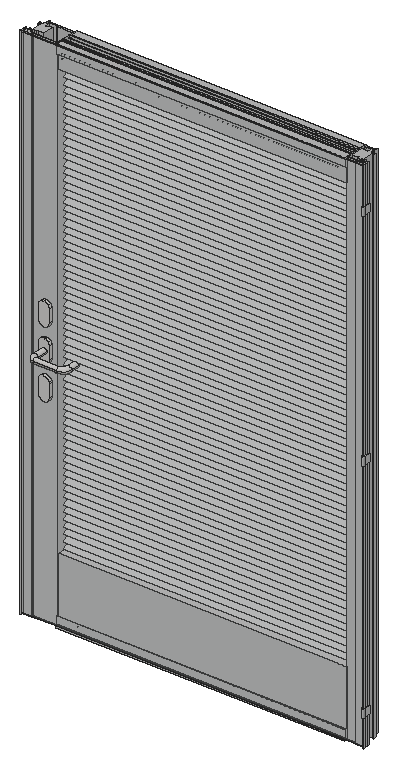
Revit family "Doors_Swing_Avanti_Systems_Movare-Swing-Door", category Doors, Revit 2015 (continued)
Definition of nested family "Closing frame detail"
  Lines and regions (in)
    model lines, in view "Ref. Level"
      curve 43: arc (3.8085, -0.38914, 0) -> (3.8165, -0.40845, 0) -> (3.8358, -0.41645, 0) r 0.02731
      curve 44: arc (2.84774, -3.55455, 0) -> (2.83364, -3.56039, 0) -> (2.82781, -3.57448, 0) r 0.01993
      curve 45: arc (2.82781, -3.60805, 0) -> (2.83364, -3.62214, 0) -> (2.84774, -3.62798, 0) r 0.01993
      curve 46: arc (3.90543, -0.39304, 0) -> (3.91127, -0.40713, 0) -> (3.92536, -0.41297, 0) r 0.01993
      curve 47: arc (3.92536, -0.33831, 0) -> (3.91127, -0.34414, 0) -> (3.90543, -0.35824, 0) r 0.01993
      curve 48: line (5.32575, 0, 0) -> (5.1408, 0, 0)
      curve 49: line (4.7535, -1.09797, 0) -> (4.7535, -0.85272, 0)
      curve 50: line (4.7535, -0.85272, 0) -> (5.26345, -0.85272, 0)
      curve 51: line (5.26345, -0.85272, 0) -> (5.26345, -0.94239, 0)
      curve 52: line (5.32575, -0.75054, 0) -> (5.26444, -0.75054, 0)
      curve 53: line (5.26444, -0.75054, 0) -> (5.26444, -0.08175, 0)
      curve 54: line (5.26444, -0.08175, 0) -> (5.32575, -0.08175, 0)
      curve 55: line (5.34619, -0.06131, 0) -> (5.34619, -0.02044, 0)
      curve 56: line (5.34619, -0.94239, 0) -> (5.34619, -0.77098, 0)
      curve 57: line (5.28389, -0.96283, 0) -> (5.32575, -0.96283, 0)
      curve 58: line (4.12334, -1.25678, 0) -> (4.12334, -2.73194, 0)
      curve 59: line (2.73451, -2.73194, 0) -> (2.73451, -1.25678, 0)
      curve 60: line (2.81626, -2.73194, 0) -> (2.81626, -1.25678, 0)
      curve 61: line (2.81626, -1.25678, 0) -> (4.04159, -1.25678, 0)
      curve 62: line (4.04159, -1.25678, 0) -> (4.04159, -2.73194, 0)
      curve 63: line (4.04159, -2.73194, 0) -> (2.81626, -2.73194, 0)
      curve 64: line (4.34475, -2.53043, 0) -> (4.34475, -1.12259, 0)
      curve 65: line (4.34475, -1.12259, 0) -> (4.37795, -1.09604, 0)
      curve 66: line (2.81626, -1.17503, 0) -> (4.04159, -1.17503, 0)
      curve 67: line (4.1412, -0.68923, 0) -> (4.1412, -0.99579, 0)
      curve 68: line (4.1412, -0.99579, 0) -> (3.67031, -0.99579, 0)
      curve 69: line (3.67031, -0.99579, 0) -> (3.67031, -1.11841, 0)
      curve 70: line (3.67031, -1.11841, 0) -> (4.1412, -1.11841, 0)
      curve 71: line (4.1412, -1.11841, 0) -> (4.1412, -2.81472, 0)
      curve 72: line (5.10094, -0.03987, 0) -> (5.10094, -0.33831, 0)
      curve 73: line (5.10094, -0.33831, 0) -> (3.92536, -0.33831, 0)
      curve 74: line (4.38562, -1.08008, 0) -> (4.38562, -0.91404, 0)
      curve 75: line (4.38562, -0.91404, 0) -> (4.59, -0.91404, 0)
      curve 76: line (4.59, -0.91404, 0) -> (4.59, -1.09797, 0)
      curve 77: line (4.61044, -1.11841, 0) -> (4.73306, -1.11841, 0)
      curve 78: line (4.04159, -2.81369, 0) -> (2.81626, -2.81369, 0)
      curve 79: line (4.05762, -3.97966, 0) -> (4.16081, -3.97966, 0)
      curve 80: line (3.69075, -3.30522, 0) -> (3.99731, -3.30522, 0)
      curve 81: line (3.82828, -3.22347, 0) -> (3.71119, -3.22347, 0)
      curve 82: line (3.69075, -2.95779, 0) -> (3.82828, -2.95779, 0)
      curve 83: line (4.12076, -2.83516, 0) -> (3.71119, -2.83516, 0)
      curve 84: line (4.25587, -2.87604, 0) -> (4.56762, -2.87604, 0)
      curve 85: line (4.56762, -2.87604, 0) -> (4.5963, -2.83158, 0)
      curve 86: line (4.62385, -2.89287, 0) -> (4.60675, -2.91463, 0)
      curve 87: line (4.60675, -2.91463, 0) -> (4.60675, -2.93735, 0)
      curve 88: line (4.60675, -2.93735, 0) -> (4.7535, -2.93735, 0)
      curve 89: line (4.7535, -2.93735, 0) -> (4.7535, -2.54904, 0)
      curve 90: line (4.73306, -2.5286, 0) -> (4.61044, -2.5286, 0)
      curve 91: line (4.63807, -2.85406, 0) -> (4.62967, -2.84333, 0)
      curve 92: line (4.18125, -3.95922, 0) -> (4.18125, -3.17062, 0)
      curve 93: line (4.01775, -3.32566, 0) -> (4.01775, -3.55455, 0)
      curve 94: line (4.01775, -3.55455, 0) -> (2.84774, -3.55455, 0)
      curve 95: line (4.59, -2.54904, 0) -> (4.59, -2.73297, 0)
      curve 96: line (4.59, -2.73297, 0) -> (4.38562, -2.73297, 0)
      curve 97: line (4.38562, -2.73297, 0) -> (4.38562, -2.57294, 0)
      curve 98: line (4.38562, -2.57294, 0) -> (4.35242, -2.54639, 0)
      curve 99: line (4.18286, -3.00454, 0) -> (4.23735, -2.88783, 0)
      curve 100: line (4.21537, -3.09784, 0) -> (4.18125, -3.09784, 0)
      curve 101: line (4.18125, -3.09784, 0) -> (4.18125, -3.10926, 0)
      curve 102: line (4.20169, -3.15019, 0) -> (4.23581, -3.15019, 0)
      curve 103: line (4.23581, -3.15019, 0) -> (4.23581, -3.11828, 0)
      curve 104: line (3.67031, -2.87604, 0) -> (3.67031, -2.93735, 0)
      curve 105: line (3.67031, -3.26435, 0) -> (3.67031, -3.28479, 0)
      curve 106: line (2.76092, -3.63249, 0) -> (3.86141, -3.63249, 0)
      curve 107: line (3.86141, -3.63249, 0) -> (3.86141, -3.72944, 0)
      curve 108: line (3.86141, -3.72944, 0) -> (2.76092, -3.72944, 0)
      curve 109: line (2.76092, -3.72944, 0) -> (2.76092, -3.63249, 0)
      curve 110: line (0.08192, -3.56877, 0) -> (2.64217, -3.56877, 0)
      curve 111: line (0.02731, -3.62338, 0) -> (2.69678, -3.62338, 0)
      curve 112: line (2.72409, -3.59607, 0) -> (2.72409, -3.57956, 0)
      curve 113: line (2.66948, -3.54146, 0) -> (2.66948, -3.52495, 0)
      curve 114: line (2.75139, -3.55226, 0) -> (3.99292, -3.55226, 0)
      curve 115: line (3.99292, -3.55226, 0) -> (3.99292, -3.49765, 0)
      curve 116: line (3.99292, -3.49765, 0) -> (2.69678, -3.49765, 0)
      curve 117: line (0.08192, -0.39213, 0) -> (3.72658, -0.39213, 0)
      curve 118: line (0.02731, -0.33752, 0) -> (3.78119, -0.33752, 0)
      curve 119: line (3.75389, -0.44376, 0) -> (3.75389, -0.41943, 0)
      curve 120: line (3.8085, -0.38914, 0) -> (3.8085, -0.36482, 0)
      curve 121: line (3.8358, -0.41645, 0) -> (5.07944, -0.41645, 0)
      curve 122: line (5.07944, -0.41645, 0) -> (5.07944, -0.47106, 0)
      curve 123: line (5.07944, -0.47106, 0) -> (3.78119, -0.47106, 0)
      curve 124: line (3.84338, -0.33541, 0) -> (4.94353, -0.33541, 0)
      curve 125: line (4.94353, -0.33541, 0) -> (4.94353, -0.25011, 0)
      curve 126: line (4.94353, -0.25011, 0) -> (3.84338, -0.25011, 0)
      curve 127: line (3.84338, -0.25011, 0) -> (3.84338, -0.33541, 0)
      curve 128: line (4.94347, -0.33319, 0) -> (4.94347, -0.34198, 0)
      curve 129: line (3.86117, -3.62798, 0) -> (3.86117, -3.66072, 0)
      curve 130: line (2.82781, -3.60805, 0) -> (2.82781, -3.57448, 0)
      curve 131: line (3.90543, -0.39304, 0) -> (3.90543, -0.35824, 0)
      curve 132: line (4.01775, -3.93979, 0) -> (4.01775, -3.62798, 0)
      curve 133: line (4.01775, -3.62798, 0) -> (2.84774, -3.62798, 0)
      curve 134: line (3.92536, -0.41297, 0) -> (5.10094, -0.41297, 0)
      curve 135: line (5.10094, -0.41297, 0) -> (5.10094, -0.64835, 0)
      curve 136: line (5.10094, -0.64835, 0) -> (4.18208, -0.64835, 0)
      curve 137: arc (0.02731, -0.33752, 0) -> (0.008, -0.34551, 0) -> (0, -0.36482, 0) r 0.02731
      curve 138: arc (0, -3.59607, 0) -> (0.008, -3.61538, 0) -> (0.02731, -3.62338, 0) r 0.02731
      curve 139: arc (2.69678, -3.62338, 0) -> (2.71609, -3.61538, 0) -> (2.72409, -3.59607, 0) r 0.02731
      curve 140: arc (2.72409, -3.57956, 0) -> (2.73209, -3.56026, 0) -> (2.75139, -3.55226, 0) r 0.02731
      curve 141: arc (2.69678, -3.49765, 0) -> (2.67747, -3.50565, 0) -> (2.66948, -3.52495, 0) r 0.02731
      curve 142: arc (2.66948, -3.54146, 0) -> (2.66148, -3.56077, 0) -> (2.64217, -3.56877, 0) r 0.02731
      curve 143: arc (0.08192, -3.56877, 0) -> (0.06261, -3.56077, 0) -> (0.05461, -3.54146, 0) r 0.02731
      curve 144: arc (0.05461, -0.41943, 0) -> (0.06261, -0.40012, 0) -> (0.08192, -0.39213, 0) r 0.02731
      curve 145: arc (3.72658, -0.39213, 0) -> (3.74589, -0.40012, 0) -> (3.75389, -0.41943, 0) r 0.02731
      curve 146: arc (3.75389, -0.44376, 0) -> (3.76188, -0.46306, 0) -> (3.78119, -0.47106, 0) r 0.02731
      curve 147: arc (3.8358, -0.41645, 0) -> (3.8165, -0.40845, 0) -> (3.8085, -0.38914, 0) r 0.02731
      curve 148: arc (3.8085, -0.36482, 0) -> (3.8005, -0.34551, 0) -> (3.78119, -0.33752, 0) r 0.02731
      curve 149: line (4.61155, -2.90852, 0) -> (4.64038, -2.93735, 0)
      curve 150: line (3.78119, -0.33752, 0) -> (0.02731, -0.33752, 0)
      curve 151: line (0, -0.36482, 0) -> (0, -3.59607, 0)
      curve 152: line (0.02731, -3.62338, 0) -> (2.69678, -3.62338, 0)
      curve 153: line (2.72409, -3.59607, 0) -> (2.72409, -3.57956, 0)
      curve 154: line (2.75139, -3.55226, 0) -> (3.99292, -3.55226, 0)
      curve 155: line (3.99292, -3.55226, 0) -> (3.99292, -3.49765, 0)
      curve 156: line (3.99292, -3.49765, 0) -> (2.69678, -3.49765, 0)
      curve 157: line (2.66948, -3.52495, 0) -> (2.66948, -3.54146, 0)
      curve 158: line (2.64217, -3.56877, 0) -> (0.08192, -3.56877, 0)
      curve 159: line (0.05461, -3.54146, 0) -> (0.05461, -0.41943, 0)
      curve 160: line (0.08192, -0.39213, 0) -> (3.72658, -0.39213, 0)
      curve 161: line (3.75389, -0.41943, 0) -> (3.75389, -0.44376, 0)
      curve 162: line (3.78119, -0.47106, 0) -> (4.80021, -0.47106, 0)
      curve 163: line (4.80021, -0.47106, 0) -> (4.75439, -0.41645, 0)
      curve 164: line (4.75439, -0.41645, 0) -> (3.8358, -0.41645, 0)
      curve 165: line (3.8085, -0.38914, 0) -> (3.8085, -0.36482, 0)
      curve 166: line (5.07944, -0.41645, 0) -> (4.75439, -0.41645, 0)
      curve 167: line (4.75439, -0.41645, 0) -> (4.80021, -0.47106, 0)
      curve 168: line (4.80021, -0.47106, 0) -> (5.07944, -0.47106, 0)
      curve 169: line (5.07944, -0.47106, 0) -> (5.07944, -0.41645, 0)
Definition of nested family "Top detail"
  Reference planes (in)
    plane 1 "Center (Front/Back)": y = 0
    plane 2: z = 0
    plane 3 "Center (Left/Right)": x = 0
  Lines and regions (in)
    model lines, in view "Ref. Level"
      curve 1: arc (-0.99764, -2.31454, 0) -> (-0.9392, -2.45562, 0) -> (-0.79812, -2.51406, 0) r 0.19953
      curve 2: arc (-0.91783, -2.23472, 0) -> (-0.88277, -2.31938, 0) -> (-0.79812, -2.35444, 0) r 0.11972
      curve 3: arc (0.79812, -2.51406, 0) -> (0.9392, -2.45562, 0) -> (0.99764, -2.31454, 0) r 0.19953
      curve 4: arc (0.79812, -2.35444, 0) -> (0.88277, -2.31938, 0) -> (0.91783, -2.23472, 0) r 0.11972
      curve 5: arc (1.95463, -0.15962, 0) -> (1.98338, -0.14771, 0) -> (1.99529, -0.11896, 0) r 0.04066
      curve 6: arc (1.99529, -0.04066, 0) -> (1.98338, -0.01191, 0) -> (1.95463, 0, 0) r 0.04066
      curve 7: arc (-1.99529, -0.11896, 0) -> (-1.98338, -0.14771, 0) -> (-1.95463, -0.15962, 0) r 0.04066
      curve 8: arc (-1.95463, 0, 0) -> (-1.98338, -0.01191, 0) -> (-1.99529, -0.04066, 0) r 0.04066
      curve 9: arc (1.56154, -1.01932, 0) -> (1.5663, -1.03082, 0) -> (1.5778, -1.03558, 0) r 0.01627
      curve 10: arc (1.6266, -1.03558, 0) -> (1.6381, -1.03082, 0) -> (1.64287, -1.01932, 0) r 0.01627
      curve 11: arc (-1.64287, -1.01932, 0) -> (-1.6381, -1.03082, 0) -> (-1.6266, -1.03558, 0) r 0.01627
      curve 12: arc (-1.5778, -1.03558, 0) -> (-1.5663, -1.03082, 0) -> (-1.56154, -1.01932, 0) r 0.01627
      curve 13: arc (-1.64958, -3.53564, 0) -> (-1.64158, -3.55494, 0) -> (-1.62228, -3.56294, 0) r 0.0273
      curve 14: arc (-1.59499, -3.48105, 0) -> (-1.58699, -3.50035, 0) -> (-1.56769, -3.50835, 0) r 0.0273
      curve 15: arc (-1.56769, -1.49082, 0) -> (-1.58699, -1.49881, 0) -> (-1.59499, -1.51811, 0) r 0.0273
      curve 16: arc (-1.59797, -1.43623, 0) -> (-1.57867, -1.42823, 0) -> (-1.57067, -1.40893, 0) r 0.0273
      curve 17: arc (-1.62228, -1.43623, 0) -> (-1.64158, -1.44422, 0) -> (-1.64958, -1.46352, 0) r 0.0273
      curve 18: arc (-1.54338, -1.49082, 0) -> (-1.52408, -1.48282, 0) -> (-1.51608, -1.46352, 0) r 0.0273
      curve 19: arc (1.60774, -3.56294, 0) -> (1.62704, -3.55494, 0) -> (1.63504, -3.53564, 0) r 0.0273
      curve 20: arc (1.55315, -3.50835, 0) -> (1.57245, -3.50035, 0) -> (1.58044, -3.48105, 0) r 0.0273
      curve 21: arc (1.50935, -1.45434, 0) -> (1.51735, -1.47364, 0) -> (1.53665, -1.48163, 0) r 0.0273
      curve 22: arc (1.58044, -1.50893, 0) -> (1.57245, -1.48963, 0) -> (1.55315, -1.48163, 0) r 0.0273
      curve 23: arc (1.56394, -1.39975, 0) -> (1.57194, -1.41905, 0) -> (1.59124, -1.42704, 0) r 0.0273
      curve 24: arc (1.63504, -1.45434, 0) -> (1.62704, -1.43504, 0) -> (1.60774, -1.42704, 0) r 0.0273
      curve 25: line (-0.79812, -2.51406, 0) -> (0, -2.51406, 0)
      curve 26: line (0, -2.51406, 0) -> (0.79812, -2.51406, 0)
      curve 27: line (0.79812, -2.35444, 0) -> (0, -2.35444, 0)
      curve 28: line (0, -2.35444, 0) -> (-0.79812, -2.35444, 0)
      curve 29: line (-0.91783, -2.23472, 0) -> (-0.91783, 0, 0)
      curve 30: line (-0.91783, 0, 0) -> (-1.95463, 0, 0)
      curve 31: line (-1.95463, -0.15962, 0) -> (-1.64287, -0.15962, 0)
      curve 32: line (-1.64287, -0.15962, 0) -> (-1.64287, -1.01932, 0)
      curve 33: line (-1.99529, -0.04066, 0) -> (-1.99529, -0.11896, 0)
      curve 34: line (1.95463, 0, 0) -> (0.91783, 0, 0)
      curve 35: line (0.91783, 0, 0) -> (0.91783, -2.23472, 0)
      curve 36: line (0.99764, -2.31454, 0) -> (0.99764, -0.15962, 0)
      curve 37: line (0.99764, -0.15962, 0) -> (1.27699, -0.15962, 0)
      curve 38: line (1.27699, -0.15962, 0) -> (1.27699, -0.39906, 0)
      curve 39: line (1.27699, -0.39906, 0) -> (1.3568, -0.39906, 0)
      curve 40: line (1.3568, -0.39906, 0) -> (1.3568, -0.15962, 0)
      curve 41: line (1.3568, -0.15962, 0) -> (1.56154, -0.15962, 0)
      curve 42: line (1.56154, -0.15962, 0) -> (1.56154, -1.01932, 0)
      curve 43: line (1.99529, -0.11896, 0) -> (1.99529, -0.04066, 0)
      curve 44: line (-0.99764, -2.31454, 0) -> (-0.99764, -0.15962, 0)
      curve 45: line (-0.99764, -0.15962, 0) -> (-1.27699, -0.15962, 0)
      curve 46: line (-1.27699, -0.15962, 0) -> (-1.27699, -0.39906, 0)
      curve 47: line (-1.27699, -0.39906, 0) -> (-1.3568, -0.39906, 0)
      curve 48: line (-1.3568, -0.39906, 0) -> (-1.3568, -0.15962, 0)
      curve 49: line (-1.3568, -0.15962, 0) -> (-1.56154, -0.15962, 0)
      curve 50: line (-1.56154, -0.15962, 0) -> (-1.56154, -1.01932, 0)
      curve 51: line (1.95463, -0.15962, 0) -> (1.64287, -0.15962, 0)
      curve 52: line (1.64287, -0.15962, 0) -> (1.64287, -1.01932, 0)
      curve 53: line (-1.5778, -1.03558, 0) -> (-1.6266, -1.03558, 0)
      curve 54: line (1.6266, -1.03558, 0) -> (1.5778, -1.03558, 0)
      curve 55: line (1.64455, -1.42944, 0) -> (1.64455, -0.32936, 0)
      curve 56: line (1.64455, -0.32936, 0) -> (1.74146, -0.32936, 0)
      curve 57: line (1.74146, -0.32936, 0) -> (1.74146, -1.42944, 0)
      curve 58: line (1.74146, -1.42944, 0) -> (1.64455, -1.42944, 0)
      curve 59: line (-1.64172, -1.424, 0) -> (-1.64172, -0.32392, 0)
      curve 60: line (-1.64172, -0.32392, 0) -> (-1.73864, -0.32392, 0)
      curve 61: line (-1.73864, -0.32392, 0) -> (-1.73864, -1.424, 0)
      curve 62: line (-1.73864, -1.424, 0) -> (-1.64172, -1.424, 0)
      curve 63: line (1.60774, -3.56294, 0) -> (-1.62228, -3.56294, 0)
      curve 64: line (1.55315, -3.50835, 0) -> (-1.56769, -3.50835, 0)
      curve 65: line (-1.64958, -3.53564, 0) -> (-1.64958, -1.46352, 0)
      curve 66: line (-1.59499, -3.48105, 0) -> (-1.59499, -1.51811, 0)
      curve 67: line (-1.57067, -1.40893, 0) -> (-1.57067, -1.03393, 0)
      curve 68: line (-1.51608, -1.46352, 0) -> (-1.51608, -0.16577, 0)
      curve 69: line (-1.51608, -0.16577, 0) -> (-1.56154, -0.16577, 0)
      curve 70: line (-1.59797, -1.43623, 0) -> (-1.62228, -1.43623, 0)
      curve 71: line (-1.54338, -1.49082, 0) -> (-1.56769, -1.49082, 0)
      curve 72: line (1.58044, -3.48105, 0) -> (1.58044, -1.50893, 0)
      curve 73: line (1.63504, -3.53564, 0) -> (1.63504, -1.45434, 0)
      curve 74: line (1.55315, -1.48163, 0) -> (1.53665, -1.48163, 0)
      curve 75: line (1.60774, -1.42704, 0) -> (1.59124, -1.42704, 0)
      curve 76: line (1.56394, -1.39975, 0) -> (1.56394, -0.15869, 0)
      curve 77: line (1.56394, -0.15869, 0) -> (1.50935, -0.15869, 0)
      curve 78: line (1.50935, -0.15869, 0) -> (1.50935, -1.45434, 0)
Definition of nested family "Bottom detail"
  Reference planes (in)
    plane 1 "Center (Front/Back)": y = 0
    plane 2: z = 0
    plane 3 "Center (Left/Right)": x = 0
  Lines and regions (in)
    model lines, in view "Ref. Level"
      curve 1: arc (-1.56769, 10.69236, 0) -> (-1.58699, 10.68437, 0) -> (-1.59499, 10.66507, 0) r 0.0273
      curve 2: arc (-1.62228, 10.74695, 0) -> (-1.64158, 10.73896, 0) -> (-1.64958, 10.71966, 0) r 0.0273
      curve 3: arc (1.58044, 10.66507, 0) -> (1.57245, 10.68437, 0) -> (1.55315, 10.69236, 0) r 0.0273
      curve 4: arc (1.63504, 10.71966, 0) -> (1.62704, 10.73896, 0) -> (1.60774, 10.74695, 0) r 0.0273
      curve 5: arc (-0.79812, 3.33998, 0) -> (-0.9392, 3.28154, 0) -> (-0.99764, 3.14045, 0) r 0.19953
      curve 6: arc (-0.79812, 3.18036, 0) -> (-0.88277, 3.14529, 0) -> (-0.91783, 3.06064, 0) r 0.11972
      curve 7: arc (0.99764, 3.14045, 0) -> (0.9392, 3.28154, 0) -> (0.79812, 3.33998, 0) r 0.19953
      curve 8: arc (0.91783, 3.06064, 0) -> (0.88277, 3.14529, 0) -> (0.79812, 3.18036, 0) r 0.11972
      curve 9: arc (1.55315, 2.30755, 0) -> (1.57245, 2.31554, 0) -> (1.58044, 2.33484, 0) r 0.0273
      curve 10: arc (1.59124, 2.25296, 0) -> (1.57194, 2.24496, 0) -> (1.56394, 2.22566, 0) r 0.0273
      curve 11: arc (1.53665, 2.30755, 0) -> (1.51735, 2.29955, 0) -> (1.50935, 2.28025, 0) r 0.0273
      curve 12: arc (1.5778, 1.8615, 0) -> (1.5663, 1.85673, 0) -> (1.56154, 1.84523, 0) r 0.01627
      curve 13: arc (1.60774, 2.25296, 0) -> (1.62704, 2.26095, 0) -> (1.63504, 2.28025, 0) r 0.0273
      curve 14: arc (1.64287, 1.84523, 0) -> (1.6381, 1.85673, 0) -> (1.6266, 1.8615, 0) r 0.01627
      curve 15: arc (1.99529, 0.94487, 0) -> (1.98338, 0.97363, 0) -> (1.95463, 0.98554, 0) r 0.04066
      curve 16: arc (1.95463, 0.82592, 0) -> (1.98338, 0.83783, 0) -> (1.99529, 0.86658, 0) r 0.04066
      curve 17: arc (-1.95463, 0.98554, 0) -> (-1.98338, 0.97363, 0) -> (-1.99529, 0.94487, 0) r 0.04066
      curve 18: arc (-1.99529, 0.86658, 0) -> (-1.98338, 0.83783, 0) -> (-1.95463, 0.82592, 0) r 0.04066
      curve 19: arc (-1.59499, 2.34403, 0) -> (-1.58699, 2.32473, 0) -> (-1.56769, 2.31673, 0) r 0.0273
      curve 20: arc (-1.57067, 2.23485, 0) -> (-1.57867, 2.25415, 0) -> (-1.59797, 2.26214, 0) r 0.0273
      curve 21: arc (-1.64958, 2.28944, 0) -> (-1.64158, 2.27014, 0) -> (-1.62228, 2.26214, 0) r 0.0273
      curve 22: arc (-1.6266, 1.8615, 0) -> (-1.6381, 1.85673, 0) -> (-1.64287, 1.84523, 0) r 0.01627
      curve 23: arc (-1.51608, 2.28944, 0) -> (-1.52408, 2.30874, 0) -> (-1.54338, 2.31673, 0) r 0.0273
      curve 24: arc (-1.56154, 1.84523, 0) -> (-1.5663, 1.85673, 0) -> (-1.5778, 1.8615, 0) r 0.01627
      curve 25: line (1.64455, 2.25535, 0) -> (1.64455, 1.15527, 0)
      curve 26: line (1.64455, 1.15527, 0) -> (1.74146, 1.15527, 0)
      curve 27: line (1.74146, 1.15527, 0) -> (1.74146, 2.25535, 0)
      curve 28: line (1.74146, 2.25535, 0) -> (1.64455, 2.25535, 0)
      curve 29: line (1.55315, 10.69236, 0) -> (-1.56769, 10.69236, 0)
      curve 30: line (1.60774, 10.74695, 0) -> (-1.62228, 10.74695, 0)
      curve 31: line (-1.59499, 10.66507, 0) -> (-1.59499, 4.49831, 0)
      curve 32: line (-1.59499, 4.49831, 0) -> (-1.59499, 2.34403, 0)
      curve 33: line (-1.64958, 10.71966, 0) -> (-1.64958, 4.51215, 0)
      curve 34: line (-1.64958, 4.51215, 0) -> (-1.64958, 2.28944, 0)
      curve 35: line (1.58044, 10.66507, 0) -> (1.58044, 4.12188, 0)
      curve 36: line (1.58044, 4.12188, 0) -> (1.58044, 2.33484, 0)
      curve 37: line (1.63504, 10.71966, 0) -> (1.63504, 4.10796, 0)
      curve 38: line (1.63504, 4.10796, 0) -> (1.63504, 2.28025, 0)
      curve 39: line (0.79812, 3.18036, 0) -> (0, 3.18036, 0)
      curve 40: line (0, 3.18036, 0) -> (-0.79812, 3.18036, 0)
      curve 41: line (-0.79812, 3.33998, 0) -> (0, 3.33998, 0)
      curve 42: line (0, 3.33998, 0) -> (0.79812, 3.33998, 0)
      curve 43: line (-0.91783, 3.06064, 0) -> (-0.91783, 0.82592, 0)
      curve 44: line (-0.91783, 0.82592, 0) -> (-1.95463, 0.82592, 0)
      curve 45: line (1.95463, 0.82592, 0) -> (0.91783, 0.82592, 0)
      curve 46: line (0.91783, 0.82592, 0) -> (0.91783, 3.06064, 0)
      curve 47: line (1.64287, 1.84523, 0) -> (1.64287, 0.98554, 0)
      curve 48: line (1.64287, 0.98554, 0) -> (1.95463, 0.98554, 0)
      curve 49: line (1.56394, 2.22566, 0) -> (1.56394, 0.98461, 0)
      curve 50: line (1.6266, 1.8615, 0) -> (1.5778, 1.8615, 0)
      curve 51: line (1.55315, 2.30755, 0) -> (1.53665, 2.30755, 0)
      curve 52: line (1.60774, 2.25296, 0) -> (1.59124, 2.25296, 0)
      curve 53: line (0.99764, 3.14045, 0) -> (0.99764, 0.98554, 0)
      curve 54: line (0.99764, 0.98554, 0) -> (1.27699, 0.98554, 0)
      curve 55: line (1.27699, 0.98554, 0) -> (1.27699, 1.22497, 0)
      curve 56: line (1.27699, 1.22497, 0) -> (1.3568, 1.22497, 0)
      curve 57: line (1.3568, 1.22497, 0) -> (1.3568, 0.98554, 0)
      curve 58: line (1.3568, 0.98554, 0) -> (1.56154, 0.98554, 0)
      curve 59: line (1.50935, 0.98554, 0) -> (1.50935, 2.28025, 0)
      curve 60: line (1.99529, 0.94487, 0) -> (1.99529, 0.86658, 0)
      curve 61: line (-1.95463, 0.98554, 0) -> (-1.64287, 0.98554, 0)
      curve 62: line (-1.64287, 0.98554, 0) -> (-1.64287, 1.84523, 0)
      curve 63: line (-1.51608, 2.28944, 0) -> (-1.51608, 0.99169, 0)
      curve 64: line (-1.51608, 0.99169, 0) -> (-1.56154, 0.99169, 0)
      curve 65: line (-1.64172, 2.24991, 0) -> (-1.64172, 1.14983, 0)
      curve 66: line (-1.64172, 1.14983, 0) -> (-1.73864, 1.14983, 0)
      curve 67: line (-1.73864, 1.14983, 0) -> (-1.73864, 2.24991, 0)
      curve 68: line (-1.73864, 2.24991, 0) -> (-1.64172, 2.24991, 0)
      curve 69: line (-1.56154, 1.84523, 0) -> (-1.56154, 0.98554, 0)
      curve 70: line (-1.56154, 0.98554, 0) -> (-1.3568, 0.98554, 0)
      curve 71: line (-1.3568, 0.98554, 0) -> (-1.3568, 1.22497, 0)
      curve 72: line (-1.3568, 1.22497, 0) -> (-1.27699, 1.22497, 0)
      curve 73: line (-1.27699, 1.22497, 0) -> (-1.27699, 0.98554, 0)
      curve 74: line (-1.27699, 0.98554, 0) -> (-0.99764, 0.98554, 0)
      curve 75: line (-0.99764, 0.98554, 0) -> (-0.99764, 3.14045, 0)
      curve 76: line (-1.99529, 0.86658, 0) -> (-1.99529, 0.94487, 0)
      curve 77: line (-1.5778, 1.8615, 0) -> (-1.6266, 1.8615, 0)
      curve 78: line (-1.59797, 2.26214, 0) -> (-1.62228, 2.26214, 0)
      curve 79: line (-1.57067, 2.23485, 0) -> (-1.57067, 1.8615, 0)
      curve 80: line (-1.54338, 2.31673, 0) -> (-1.56769, 2.31673, 0)
Definition of nested family "Head/bottom"
  Reference planes (in)
    plane 1 "Center (Front/Back)": y = 0
    plane 2: z = 0
    plane 3 "Center (Left/Right)": x = 0
  Lines and regions (in)
    model lines, in view "Ref. Level"
      curve 1: arc (-0.70256, 2.57242, 0) -> (-0.84639, 2.73225, 0) -> (-0.94188, 2.9249, 0) r 0.79129
      curve 2: arc (-0.94188, 2.9249, 0) -> (-0.88875, 2.69169, 0) -> (-0.74488, 2.50062, 0) r 0.5718
      curve 3: arc (-0.74488, 2.50062, 0) -> (-0.61154, 2.47039, 0) -> (-0.70256, 2.57242, 0) r 0.07178
      curve 4: arc (-0.70256, 0.75104, 0) -> (-0.84639, 0.91087, 0) -> (-0.94188, 1.10352, 0) r 0.79129
      curve 5: arc (-0.94188, 1.10352, 0) -> (-0.88875, 0.87032, 0) -> (-0.74488, 0.67925, 0) r 0.5718
      curve 6: arc (-0.74488, 0.67925, 0) -> (-0.61154, 0.64902, 0) -> (-0.70256, 0.75104, 0) r 0.07178
      curve 7: arc (0.70752, 2.57242, 0) -> (0.85135, 2.73225, 0) -> (0.94684, 2.9249, 0) r 0.79129
      curve 8: arc (0.94684, 2.9249, 0) -> (0.89371, 2.69169, 0) -> (0.74984, 2.50062, 0) r 0.5718
      curve 9: arc (0.74984, 2.50062, 0) -> (0.61649, 2.47039, 0) -> (0.70752, 2.57242, 0) r 0.07178
      curve 10: arc (0.70752, 0.75104, 0) -> (0.85135, 0.91087, 0) -> (0.94684, 1.10352, 0) r 0.79129
      curve 11: arc (0.94684, 1.10352, 0) -> (0.89371, 0.87032, 0) -> (0.74984, 0.67925, 0) r 0.5718
      curve 12: arc (0.74984, 0.67925, 0) -> (0.61649, 0.64902, 0) -> (0.70752, 0.75104, 0) r 0.07178
      curve 13: line (-0.61854, 1.91825, 0) -> (-0.61854, 2.03551, 0)
      curve 14: line (0.61854, 2.03551, 0) -> (0.61854, 1.91825, 0)
      curve 15: arc (-0.77809, 2.49827, 0) -> (-0.62599, 2.41333, 0) -> (-0.63347, 2.58738, 0) r 0.09976
      curve 16: arc (-0.81807, 0.75505, 0) -> (-0.80386, 0.71634, 0) -> (-0.76799, 0.696, 0) r 0.05986
      curve 17: arc (-0.74726, 0.63785, 0) -> (-0.58981, 0.68087, 0) -> (-0.72566, 0.77135, 0) r 0.08966
      curve 18: arc (-0.65845, 0.55219, 0) -> (-0.57379, 0.58725, 0) -> (-0.53873, 0.6719, 0) r 0.11972
      curve 19: arc (-0.79357, 0.59934, 0) -> (-0.75148, 0.56462, 0) -> (-0.69835, 0.55219, 0) r 0.11972
      curve 20: arc (-0.53873, 0.88392, 0) -> (-0.56546, 0.9332, 0) -> (-0.61854, 0.95124, 0) r 0.0769
      curve 21: arc (-0.61854, 2.19045, 0) -> (-0.56546, 2.2085, 0) -> (-0.53873, 2.25778, 0) r 0.0769
      curve 22: arc (0.63347, 2.58738, 0) -> (0.62599, 2.41333, 0) -> (0.77809, 2.49827, 0) r 0.09976
      curve 23: arc (0.72855, 0.76947, 0) -> (0.58956, 0.68258, 0) -> (0.74726, 0.63785, 0) r 0.08966
      curve 24: arc (0.76799, 0.696, 0) -> (0.80386, 0.71634, 0) -> (0.81807, 0.75505, 0) r 0.05986
      curve 25: arc (0.69835, 0.55219, 0) -> (0.75148, 0.56462, 0) -> (0.79357, 0.59934, 0) r 0.11972
      curve 26: arc (0.53873, 0.6719, 0) -> (0.57379, 0.58725, 0) -> (0.65845, 0.55219, 0) r 0.11972
      curve 27: arc (0.61854, 0.95124, 0) -> (0.56546, 0.9332, 0) -> (0.53873, 0.88392, 0) r 0.0769
      curve 28: arc (0.53873, 2.25778, 0) -> (0.56546, 2.2085, 0) -> (0.61854, 2.19045, 0) r 0.0769
      curve 29: line (-0.61154, 0.95124, 0) -> (-0.61854, 0.95124, 0)
      curve 30: line (-0.61854, 0.95124, 0) -> (-0.61854, 1.47108, 0)
      curve 31: line (-0.61854, 1.47108, 0) -> (0, 1.47108, 0)
      curve 32: line (0, 1.47108, 0) -> (0.61854, 1.47108, 0)
      curve 33: line (0.61854, 1.47108, 0) -> (0.61854, 0.95124, 0)
      curve 34: line (0.61854, 0.95124, 0) -> (0.61154, 0.95124, 0)
      curve 35: line (-0.61854, 2.19045, 0) -> (-0.61854, 1.67061, 0)
      curve 36: line (-0.61854, 1.67061, 0) -> (0, 1.67061, 0)
      curve 37: line (0, 1.67061, 0) -> (0.61854, 1.67061, 0)
      curve 38: line (0.61854, 1.67061, 0) -> (0.61854, 2.19045, 0)
      curve 39: line (-0.63347, 2.58738, 0) -> (-0.53873, 2.58738, 0)
      curve 40: line (-0.53873, 2.58738, 0) -> (-0.53873, 2.25778, 0)
      curve 41: line (-0.53873, 0.88392, 0) -> (-0.53873, 0.6719, 0)
      curve 42: line (-0.79357, 0.59934, 0) -> (-0.74726, 0.63785, 0)
      curve 43: line (-0.65845, 0.55219, 0) -> (-0.69835, 0.55219, 0)
      curve 44: line (-0.81807, 0.87178, 0) -> (-0.81807, 2.49827, 0)
      curve 45: line (-0.81807, 2.49827, 0) -> (-0.77809, 2.49827, 0)
      curve 46: line (0.53873, 2.25778, 0) -> (0.53873, 2.58738, 0)
      curve 47: line (0.53873, 2.58738, 0) -> (0.63347, 2.58738, 0)
      curve 48: line (0.53873, 0.6719, 0) -> (0.53873, 0.88392, 0)
      curve 49: line (0.69835, 0.55219, 0) -> (0.65845, 0.55219, 0)
      curve 50: line (0.74726, 0.63785, 0) -> (0.79357, 0.59934, 0)
      curve 51: line (0.77809, 2.49827, 0) -> (0.81807, 2.49827, 0)
      curve 52: line (0.81807, 2.49827, 0) -> (0.81807, 0.86543, 0)
Definition of nested family "Head/bottom extented"
  Reference planes (in)
    plane 1 "Center (Front/Back)": y = 0
    plane 2: z = 0
    plane 3 "Center (Left/Right)": x = 0
  Lines and regions (in)
    model lines, in view "Ref. Level"
      curve 1: arc (-0.75496, 3.12846, 0) -> (-0.94253, 3.23356, 0) -> (-1.15148, 3.28429, 0) r 0.79129
      curve 2: arc (-1.15148, 3.28429, 0) -> (-0.9123, 3.28382, 0) -> (-0.69424, 3.18555, 0) r 0.5718
      curve 3: arc (-0.69424, 3.18555, 0) -> (-0.6354, 3.06213, 0) -> (-0.75496, 3.12846, 0) r 0.07178
      curve 4: arc (0.73795, 3.13097, 0) -> (0.92643, 3.23444, 0) -> (1.13581, 3.28336, 0) r 0.79129
      curve 5: arc (1.13581, 3.28336, 0) -> (0.89664, 3.28496, 0) -> (0.67773, 3.18858, 0) r 0.5718
      curve 6: arc (0.67773, 3.18858, 0) -> (0.61782, 3.06568, 0) -> (0.73795, 3.13097, 0) r 0.07178
      curve 7: arc (-0.71241, 0.75104, 0) -> (-0.85624, 0.91087, 0) -> (-0.95173, 1.10352, 0) r 0.79129
      curve 8: arc (-0.95173, 1.10352, 0) -> (-0.8986, 0.87032, 0) -> (-0.75473, 0.67925, 0) r 0.5718
      curve 9: arc (-0.75473, 0.67925, 0) -> (-0.62138, 0.64902, 0) -> (-0.71241, 0.75104, 0) r 0.07178
      curve 10: arc (0.69767, 0.75104, 0) -> (0.8415, 0.91087, 0) -> (0.93699, 1.10352, 0) r 0.79129
      curve 11: arc (0.93699, 1.10352, 0) -> (0.88386, 0.87032, 0) -> (0.73999, 0.67925, 0) r 0.5718
      curve 12: arc (0.73999, 0.67925, 0) -> (0.60665, 0.64902, 0) -> (0.69767, 0.75104, 0) r 0.07178
      curve 13: arc (-0.62839, 2.91944, 0) -> (-0.5753, 2.93748, 0) -> (-0.54857, 2.98676, 0) r 0.0769
      curve 14: arc (-0.78794, 3.10754, 0) -> (-0.76806, 3.08835, 0) -> (-0.7431, 3.07653, 0) r 0.08527
      curve 15: arc (-0.63498, 3.16925, 0) -> (-0.63799, 3.1833, 0) -> (-0.64331, 3.19664, 0) r 0.08527
      curve 16: arc (0.52888, 2.98676, 0) -> (0.55561, 2.93748, 0) -> (0.60869, 2.91944, 0) r 0.0769
      curve 17: arc (0.62362, 3.19664, 0) -> (0.61753, 3.18063, 0) -> (0.61476, 3.16371, 0) r 0.08527
      curve 18: arc (0.72968, 3.07859, 0) -> (0.75105, 3.09028, 0) -> (0.76825, 3.10754, 0) r 0.08527
      curve 19: line (-0.62839, 2.18785, 0) -> (0.00875, 2.18785, 0)
      curve 20: line (0.00875, 2.18785, 0) -> (0.60869, 2.18785, 0)
      curve 21: line (-0.62839, 2.39959, 0) -> (-0.00985, 2.39959, 0)
      curve 22: line (-0.00985, 2.39959, 0) -> (0.60869, 2.39959, 0)
      curve 23: line (-0.82791, 2.08281, 0) -> (-0.82791, 3.10754, 0)
      curve 24: line (-0.82791, 3.10754, 0) -> (-0.78794, 3.10754, 0)
      curve 25: line (-0.62839, 1.91825, 0) -> (-0.62839, 2.03551, 0)
      curve 26: line (-0.64331, 3.19664, 0) -> (-0.54857, 3.19664, 0)
      curve 27: line (-0.54857, 3.19664, 0) -> (-0.54857, 2.98676, 0)
      curve 28: line (-0.62839, 2.91944, 0) -> (-0.62839, 2.39959, 0)
      curve 29: line (0.76825, 3.10754, 0) -> (0.80822, 3.10754, 0)
      curve 30: line (0.80822, 3.10754, 0) -> (0.80822, 2.08281, 0)
      curve 31: line (0.60869, 2.03551, 0) -> (0.60869, 1.91825, 0)
      curve 32: line (0.52888, 2.98676, 0) -> (0.52888, 3.19664, 0)
      curve 33: line (0.52888, 3.19664, 0) -> (0.62362, 3.19664, 0)
      curve 34: line (0.60869, 2.39959, 0) -> (0.60869, 2.91944, 0)
      curve 35: arc (-0.82791, 0.75572, 0) -> (-0.81392, 0.71659, 0) -> (-0.77783, 0.696, 0) r 0.05986
      curve 36: arc (-0.75711, 0.63785, 0) -> (-0.59966, 0.68087, 0) -> (-0.73551, 0.77135, 0) r 0.08966
      curve 37: arc (-0.66829, 0.55219, 0) -> (-0.58364, 0.58725, 0) -> (-0.54857, 0.6719, 0) r 0.11972
      curve 38: arc (-0.80341, 0.59934, 0) -> (-0.76132, 0.56462, 0) -> (-0.7082, 0.55219, 0) r 0.11972
      curve 39: arc (-0.54857, 0.88392, 0) -> (-0.5753, 0.9332, 0) -> (-0.62839, 0.95124, 0) r 0.0769
      curve 40: arc (0.71871, 0.76947, 0) -> (0.57971, 0.68258, 0) -> (0.73741, 0.63785, 0) r 0.08966
      curve 41: arc (0.75853, 0.69607, 0) -> (0.79415, 0.71649, 0) -> (0.80822, 0.75505, 0) r 0.05986
      curve 42: arc (0.68851, 0.55219, 0) -> (0.74163, 0.56462, 0) -> (0.78372, 0.59934, 0) r 0.11972
      curve 43: arc (0.52888, 0.6719, 0) -> (0.56395, 0.58725, 0) -> (0.6486, 0.55219, 0) r 0.11972
      curve 44: arc (0.60869, 0.95124, 0) -> (0.55561, 0.9332, 0) -> (0.52888, 0.88392, 0) r 0.0769
      curve 45: line (-0.62139, 0.95124, 0) -> (-0.62839, 0.95124, 0)
      curve 46: line (-0.62839, 0.95124, 0) -> (-0.62839, 1.47108, 0)
      curve 47: line (-0.62839, 1.47108, 0) -> (-0.00985, 1.47108, 0)
      curve 48: line (-0.00985, 1.47108, 0) -> (0.60869, 1.47108, 0)
      curve 49: line (0.60869, 1.47108, 0) -> (0.60869, 0.95124, 0)
      curve 50: line (0.60869, 0.95124, 0) -> (0.60169, 0.95124, 0)
      curve 51: line (-0.62839, 2.18785, 0) -> (-0.62839, 1.67061, 0)
      curve 52: line (-0.62839, 1.67061, 0) -> (-0.00985, 1.67061, 0)
      curve 53: line (-0.00985, 1.67061, 0) -> (0.60869, 1.67061, 0)
      curve 54: line (0.60869, 1.67061, 0) -> (0.60869, 2.18785, 0)
      curve 55: line (-0.54857, 0.88392, 0) -> (-0.54857, 0.6719, 0)
      curve 56: line (-0.80341, 0.59934, 0) -> (-0.75711, 0.63785, 0)
      curve 57: line (-0.66829, 0.55219, 0) -> (-0.7082, 0.55219, 0)
      curve 58: line (-0.82791, 0.87178, 0) -> (-0.82791, 2.49827, 0)
      curve 59: line (0.52888, 0.6719, 0) -> (0.52888, 0.88392, 0)
      curve 60: line (0.68851, 0.55219, 0) -> (0.6486, 0.55219, 0)
      curve 61: line (0.73741, 0.63785, 0) -> (0.78372, 0.59934, 0)
      curve 62: line (0.80822, 2.49827, 0) -> (0.80822, 0.86543, 0)
Definition of nested family "Arrow"
  Reference planes (in)
    plane 1 "Center (Front/Back)": y = 0
    plane 2: z = 0
    plane 3 "Center (Left/Right)": x = 0
  Lines and regions (in)
    detail lines, in view "Ref. Level"
      curve 1: line (-2.57725, 1.35976, 0) -> (-3.93701, 0, 0)
      curve 2: line (-3.93701, 0, 0) -> (3.93701, 0, 0)
      curve 3: line (-2.57725, -1.35976, 0) -> (-3.93701, 0, 0)
Types (9): name | Type | Non Flush Seal | Model | Hardware material | Glazing Material | Flush Seal | Blinds_vis | Blinds
  (no name) | 1 | yes | "Movare Double Glazed Swing Door Clear Tempered with Blinds" | Stainless Steel - Avanti- Brushed Finish | Glass - Avanti -  Clear Tempered | no | 1 | yes
  Clear Tempered Seal Expanded | 2 | no | "Movare Double Glazed Swing Door Clear Tempered Seal Expanded" | Stainless Steel - Avanti- Brushed Finish | Glass - Avanti -  Clear Tempered | yes | 0 | no
  Clear Tempered | 1 | yes | "Movare Double Glazed Swing Door Clear Tempered" | Stainless Steel - Avanti- Brushed Finish | Glass - Avanti -  Clear Tempered | no | 0 | no
  Clear Laminated Seal Expanded | 2 | no | "Movare Double Glazed Swing Door Clear Laminated Seal Expanded" | Stainless Steel - Avanti- Brushed Finish | Glass - Avanti - Laminated Glass | yes | 0 | no
  Clear Laminated | 1 | yes | "Movare Double Glazed Swing Door Clear Laminated" | Stainless Steel - Avanti- Brushed Finish | Glass - Avanti - Laminated Glass | no | 0 | no
  Clear Tempered Seal Expanded with Blinds | 2 | no | "Movare Double Glazed Swing Door Clear Tempered Seal Expanded with Blinds" | Stainless Steel - Avanti- Brushed Finish | Glass - Avanti -  Clear Tempered | yes | 1 | yes
  Clear Tempered with Blinds | 1 | yes | "Movare Double Glazed Swing Door Clear Tempered with Blinds" | Stainless Steel - Avanti- Brushed Finish | Glass - Avanti -  Clear Tempered | no | 1 | yes
  Clear Laminated Seal Expanded with Blinds | 2 | no | "Movare Double Glazed Swing Door Clear Laminated Seal Expanded with Blinds" | Stainless Steel - Avanti- Brushed Finish | Glass - Avanti - Laminated Glass | yes | 1 | yes
  Clear Laminated with Blinds | 1 | yes | "Movare Double Glazed Swing Door Clear Laminated with Blinds" | Polyester powder - Avanti - White aluminium METALLIC - RAL9006 | Glass - Avanti - Laminated Glass | no | 1 | yes
